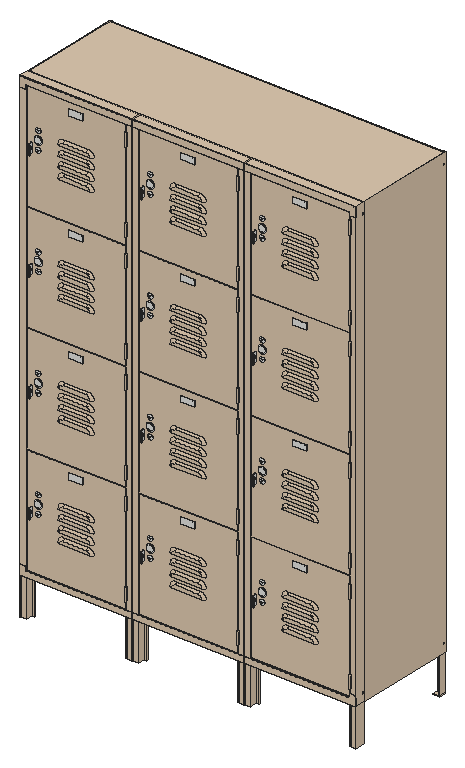
Revit family "Metal_Lockers-Salsbury_Industries-18_54000_Series-3_Wide_Units", category Specialty Equipment, Revit 2016 (continued)
Definition of nested family "Metal Locker Legs - 3 Wide"
  Forms (in)
    Extrusion 10, solid, material <- "Primary Structure Material", visible <- "Visible"
      sketch origin (-24.04, 0, 0) x (0, -1, 0) y (1, 0, 0)
        loop
          line (7.417, 15.03333) -> (7.417, 14.97333) -> (8.945, 14.97333) -> (8.945, 14.09333) -> (7.76, 14.09333) -> (7.76, 13.59333) -> (7.82, 13.59333) -> (7.82, 14.03333) -> (9.005, 14.03333) -> (9.005, 15.03333) -> (7.417, 15.03333)
      from 0 to 6
  Dimensions and locks (in)
    equal spacing: plane 6 "Left Side of Unit", plane 3 "Center (Left/Right)", plane 7 "Right Side of Unit"
    "Width": plane 6 "Left Side of Unit" to plane 7 "Right Side of Unit"
    "Height": plane 5 "Bottom of Unit" to plane 4 "Floor"
    equal spacing: plane 9 "Front of Unit", plane 1 "Center (Front/Back)", plane 8 "Back of Unit"
    "Depth": plane 9 "Front of Unit" to plane 8 "Back of Unit"
    plane 12 "Top of back legs" to plane 5 "Bottom of Unit" = 0.185"
    plane 6 "Left Side of Unit" to plane 11 "Left Side of Door Opening" = 1.000"
    plane 10 "Right Side of Door Opening" to plane 7 "Right Side of Unit" = 1.000"
    locked: plane 9 "Front of Unit" to plane 13 "Back Edge of Front Facing" at 1.588
    plane 11 "Left Side of Door Opening" to plane 14 "Inside Edge of Front Leg" = 0.440"
    plane 15 "Inside Edge of Right Leg" to plane 10 "Right Side of Door Opening" = 0.440"
    plane 9 "Front of Unit" to plane 16 = 1.185"
    plane 15 "Inside Edge of Right Leg" to plane 21 "Inside Edge or Rear Right Leg" to plane 10 "Right Side of Door Opening" to plane 18 "Right Edge of Rear Right Leg" to plane 7 "Right Side of Unit" = 0.320", 0.120", 0.880", 0.120"
    plane 6 "Left Side of Unit" to plane 19 "Left Edge or Rear Left Leg" to plane 11 "Left Side of Door Opening" to plane 22 "Inside Edge or Left Rear Leg" to plane 14 "Inside Edge of Front Leg" = 0.120", 0.880", 0.120", 0.320"
    plane 20 to plane 17 "Back Edge of Rear Legs" to plane 8 "Back of Unit" = 1.000", 0.110"
    equal spacing: plane 6 "Left Side of Unit", plane 24, plane 23, plane 7 "Right Side of Unit"
    aligned and locked: level to plane 2
    aligned and locked: Extrusion 3 to Extrusion 4
    aligned and locked: Extrusion 6 to Extrusion 5
    aligned and locked: Extrusion 3 to plane 18 "Right Edge of Rear Right Leg"
    aligned and locked: Extrusion 3 to plane 17 "Back Edge of Rear Legs"
    aligned and locked: Extrusion 5 to plane 19 "Left Edge or Rear Left Leg"
    aligned and locked: plane 17 "Back Edge of Rear Legs" to Extrusion 5
    aligned and locked: plane 5 "Bottom of Unit" to Extrusion 2
    aligned and locked: Extrusion 1 to plane 5 "Bottom of Unit"
    aligned and locked: Extrusion 3 to plane 12 "Top of back legs"
    aligned and locked: plane 12 "Top of back legs" to Extrusion 5
  Automatic sketch dimensions
    plane 13 "Back Edge of Front Facing" to Extrusion 1 sketch curve = 0.000"
    Extrusion 1 sketch curve to plane 15 "Inside Edge of Right Leg" = 0.000"
    plane 16 to Extrusion 1 sketch curve = 0.000"
    Extrusion 1 sketch curve to plane 7 "Right Side of Unit" = 0.000"
    plane 9 "Front of Unit" to Extrusion 1 sketch curve = 0.000"
    Extrusion 1 sketch curve to plane 10 "Right Side of Door Opening" = 0.000"
    Extrusion 1 sketch curve to plane 16 = 0.060"
    Extrusion 1 sketch curve to plane 9 "Front of Unit" = 0.060"
    Extrusion 1 sketch curve to plane 10 "Right Side of Door Opening" = 0.060"
    plane 7 "Right Side of Unit" to Extrusion 1 sketch curve = 0.060"
    Extrusion 2 sketch curve to plane 13 "Back Edge of Front Facing" = 0.000"
    Extrusion 2 sketch curve to plane 14 "Inside Edge of Front Leg" = 0.000"
    Extrusion 2 sketch curve to plane 16 = 0.000"
    Extrusion 2 sketch curve to plane 6 "Left Side of Unit" = 0.000"
    Extrusion 2 sketch curve to plane 9 "Front of Unit" = 0.000"
    Extrusion 2 sketch curve to plane 11 "Left Side of Door Opening" = 0.000"
    plane 16 to Extrusion 2 sketch curve = 0.060"
    plane 9 "Front of Unit" to Extrusion 2 sketch curve = 0.060"
    Extrusion 2 sketch curve to plane 11 "Left Side of Door Opening" = 0.060"
    plane 6 "Left Side of Unit" to Extrusion 2 sketch curve = 0.060"
    plane 17 "Back Edge of Rear Legs" to Extrusion 3 sketch curve = 0.000"
    Extrusion 3 sketch curve to plane 21 "Inside Edge or Rear Right Leg" = 0.000"
    Extrusion 3 sketch curve to plane 18 "Right Edge of Rear Right Leg" = 0.000"
    plane 20 to Extrusion 3 sketch curve = 0.000"
    plane 17 "Back Edge of Rear Legs" to Extrusion 3 sketch curve = 0.060"
    plane 18 "Right Edge of Rear Right Leg" to Extrusion 3 sketch curve = 0.060"
    plane 17 "Back Edge of Rear Legs" to Extrusion 4 sketch curve = 0.000"
    Extrusion 4 sketch curve to plane 18 "Right Edge of Rear Right Leg" = 0.000"
    plane 20 to Extrusion 4 sketch curve = 0.000"
    Extrusion 4 sketch curve to plane 21 "Inside Edge or Rear Right Leg" = 0.000"
    Extrusion 5 sketch curve to plane 17 "Back Edge of Rear Legs" = 0.000"
    Extrusion 5 sketch curve to plane 22 "Inside Edge or Left Rear Leg" = 0.000"
    Extrusion 5 sketch curve to plane 19 "Left Edge or Rear Left Leg" = 0.000"
    Extrusion 5 sketch curve to plane 20 = 0.000"
    Extrusion 5 sketch curve to plane 17 "Back Edge of Rear Legs" = 0.060"
    Extrusion 5 sketch curve to plane 19 "Left Edge or Rear Left Leg" = 0.060"
    Extrusion 6 sketch curve to plane 17 "Back Edge of Rear Legs" = 0.000"
    Extrusion 6 sketch curve to plane 19 "Left Edge or Rear Left Leg" = 0.000"
    Extrusion 6 sketch curve to plane 20 = 0.000"
    Extrusion 6 sketch curve to plane 22 "Inside Edge or Left Rear Leg" = 0.000"
    plane 13 "Back Edge of Front Facing" to Extrusion 7 sketch curve = 0.000"
    plane 16 to Extrusion 7 sketch curve = 0.000"
    plane 9 "Front of Unit" to Extrusion 7 sketch curve = 0.000"
    Extrusion 7 sketch curve to plane 24 = 0.000"
    plane 16 to Extrusion 7 sketch curve = 0.060"
    plane 9 "Front of Unit" to Extrusion 7 sketch curve = 0.060"
    plane 24 to Extrusion 7 sketch curve = 0.060"
    plane 24 to Extrusion 7 sketch curve = 0.940"
    Extrusion 7 sketch curve to Extrusion 7 sketch curve = 0.060"
    Extrusion 7 sketch curve to Extrusion 7 sketch curve = 0.440"
    plane 13 "Back Edge of Front Facing" to Extrusion 8 sketch curve = 0.000"
    plane 16 to Extrusion 8 sketch curve = 0.000"
    plane 9 "Front of Unit" to Extrusion 8 sketch curve = 0.000"
    Extrusion 8 sketch curve to plane 23 = 0.000"
    plane 16 to Extrusion 8 sketch curve = 0.060"
    plane 9 "Front of Unit" to Extrusion 8 sketch curve = 0.060"
    plane 23 to Extrusion 8 sketch curve = 0.060"
    plane 23 to Extrusion 8 sketch curve = 0.940"
    Extrusion 8 sketch curve to Extrusion 8 sketch curve = 0.060"
    Extrusion 8 sketch curve to Extrusion 8 sketch curve = 0.440"
    plane 13 "Back Edge of Front Facing" to Extrusion 9 sketch curve = 0.000"
    plane 16 to Extrusion 9 sketch curve = 0.000"
    plane 9 "Front of Unit" to Extrusion 9 sketch curve = 0.000"
    Extrusion 9 sketch curve to plane 23 = 0.000"
    Extrusion 9 sketch curve to plane 16 = 0.060"
    Extrusion 9 sketch curve to plane 9 "Front of Unit" = 0.060"
    plane 23 to Extrusion 9 sketch curve = 0.060"
    plane 23 to Extrusion 9 sketch curve = 0.940"
    Extrusion 9 sketch curve to Extrusion 9 sketch curve = 0.060"
    Extrusion 9 sketch curve to Extrusion 9 sketch curve = 0.440"
    plane 13 "Back Edge of Front Facing" to Extrusion 10 sketch curve = 0.000"
    plane 16 to Extrusion 10 sketch curve = 0.000"
    plane 9 "Front of Unit" to Extrusion 10 sketch curve = 0.000"
    Extrusion 10 sketch curve to plane 24 = 0.000"
    Extrusion 10 sketch curve to plane 16 = 0.060"
    Extrusion 10 sketch curve to plane 9 "Front of Unit" = 0.060"
    plane 24 to Extrusion 10 sketch curve = 0.060"
    plane 24 to Extrusion 10 sketch curve = 0.940"
    Extrusion 10 sketch curve to Extrusion 10 sketch curve = 0.060"
    Extrusion 10 sketch curve to Extrusion 10 sketch curve = 0.440"
Definition of nested family "Metal Locker Doors-18 inch with Latch Hasps"
  Parameters (values of type "Four Tier Door - 6 foot")
    Width = 15.901"
    Visible = yes
    Primary Structure Material = none
    Louver Set Vertical Alignment = 5.710"
    Number Plate Alignment = 0.9375"
    Louver Width = 5.750"
    Hinge 2 Placement = 14.142"
    Hinge 1 Placement = 1.125"
    Height = 17.360"
    Hasp Plate Rivet Material = none
    Hasp Height = 1.438"
    Depth = 0.900"
  Reference planes (in)
    plane 1 "Center (Front/Back)": y = 0
    plane 2 "Bottom of Door": z = 0
    plane 3 "Center (Left/Right)": x = 0
    plane 4 "Center (Top/Bottom)": z = 8.68
    plane 5 "Top of Door": z = 17.36
    plane 6 "Right Side of Door": x = 7.9505
    plane 7 "Left Side of Door": x = -7.9505
    plane 8 "Front of Door": y = -0.45
    plane 9 "Back of Door": y = 0.45
    plane 10 "Top of Number Plate": z = 16.4225
    plane 11 "Top of Top Vent 1": z = 11.65
    plane 12 "Top of Top Vent 2": z = 10.025
    plane 13 "Top of Top Vent 3": z = 8.4
    plane 14 "Top of Top Vent 4": z = 6.775
    plane 15 "Top of Hasp Alignment": z = 9.399
    plane 16 "Bottom of Hasp Alignment": z = 7.961
    plane 17 "Left Side of Louvers": x = -2.875
    plane 18 "Right Side of Louvers": x = 2.875
    plane 19 "Front of Louvers": y = -0.6375
    plane 20: x = -1.094
    plane 21: x = 1.094
    plane 22: z = 15.4225
    plane 23 "Center Hasp": x = -1.7755
    plane 24 "Top of Hinge 2": z = 3.218
    plane 25 "Top of Hinge 1": z = 16.235
    plane 26 "Left Hasp Hole Align": x = -7.263
    plane 27 "Right Hasp Hole Align": x = -7.013
    plane 28 "Center Hasp Stud Align": z = 10.09841
    plane 29 "Top Hasp Stud Align": z = 11.51682
    plane 30 "Vertical Hasp Stud Align": x = -6.076
    plane 31: z = 10.65
    plane 32: z = 9.025
    plane 33: z = 7.4
    plane 34: z = 5.775
    plane 35 "Vertical Center Hasp Align": x = -7.13777
    plane 36: x = -7.20027
    plane 37: x = -6.76277
    plane 38: x = 2.43234
    plane 39: x = -2.43234
  Forms (in)
    Extrusion 1, solid, material <- "Primary Structure Material", visible <- "Visible"
      sketch origin (0, 0, 0) x (1, 0, 0) y (0, 0, 1)
        loop
          line (-7.9505, 17.36) -> (-7.9505, 0) -> (7.9505, 0) -> (7.9505, 17.36) -> (-7.9505, 17.36)
      from -0.45 to 0.45
    Extrusion 2, solid, material <- "Hasp Plate Rivet Material", visible <- "Visible", detail levels medium+fine
      sketch origin (0, -0.45, 0) x (1, 0, 0) y (0, 0, 1)
        loop
          arc (-1.06847, 16.38695) -> (-1.0946, 15.92421) -> (-1.06847, 15.46147) r 4.11054
          arc (-1.06847, 15.46147) -> (0, 15.42272) -> (1.06847, 15.46147) r 14.75
          arc (1.06847, 15.46147) -> (1.0946, 15.92421) -> (1.06847, 16.38695) r 4.11054
          arc (1.06847, 16.38695) -> (0, 16.41487) -> (-1.06847, 16.38695) r 20.45441
      from 0 to 0.03497
    Extrusion 3, void
      sketch origin (-1.7755, -0.13281, 0.04687) x (0, 0, -1) y (0, -1, 0)
        loop
          circle (-8.29177, -0.16411) r 0.2
      from -0.163 to 0.163
    Extrusion 4, solid, material <- "Primary Structure Material", visible <- "Visible", detail levels fine
      sketch origin (0, 0, 16.235) x (0, -1, 0) y (1, 0, 0)
        loop
          line (0.45, 7.9505) -> (0.575, 7.9505)
          arc (0.575, 7.9505) -> (0.7, 8.0755) -> (0.575, 8.2005) r 0.125
          line (0.575, 8.2005) -> (0.45, 8.2005) -> (0.45, 7.9505)
      from 0 to -2
    Extrusion 5, solid, material <- "Primary Structure Material", visible <- "Visible", detail levels fine
      sketch origin (0, 0, 3.218) x (0, -1, 0) y (1, 0, 0)
        loop
          line (0.45, 7.9505) -> (0.575, 7.9505)
          arc (0.575, 7.9505) -> (0.7, 8.0755) -> (0.575, 8.2005) r 0.125
          line (0.575, 8.2005) -> (0.45, 8.2005) -> (0.45, 7.9505)
      from 0 to -2
    Extrusion 6, void
      sketch origin (0, -0.45, 0) x (1, 0, 0) y (0, 0, 1)
        loop
          line (-7.263, 9.399) -> (-7.263, 7.961) -> (-7.013, 7.961) -> (-7.013, 9.399) -> (-7.263, 9.399)
      from -0.9 to 0
    Blend 7, solid, material <- "Primary Structure Material", visible <- "Visible"
      base sketch origin (0.875, -0.45, 3.057) x (1, 0, 0) y (0, 0, 1)
        loop
          line (-3.75, 7.593) -> (2, 7.593)
          arc (2, 7.593) -> (1.70711, 8.30011) -> (1, 8.593) r 1
          line (1, 8.593) -> (-2.75, 8.593)
          arc (-2.75, 8.593) -> (-3.45711, 8.30011) -> (-3.75, 7.593) r 1
      top sketch origin (0.875, -0.6375, 3.057) x (1, 0, 0) y (0, 0, 1)
        loop
          line (-3.30734, 7.593) -> (1.55734, 7.593)
          arc (1.55734, 7.593) -> (1.39259, 7.99075) -> (0.99484, 8.1555) r 0.5625
          line (0.99484, 8.1555) -> (-2.74484, 8.1555)
          arc (-2.74484, 8.1555) -> (-3.14259, 7.99075) -> (-3.30734, 7.593) r 0.5625
      from 0 to 0
    Blend 8, solid, material <- "Primary Structure Material", visible <- "Visible"
      base sketch origin (0.875, -0.45, 4.501) x (1, 0, 0) y (0, 0, 1)
        loop
          line (-3.75, 4.524) -> (2, 4.524)
          arc (2, 4.524) -> (1.70711, 5.23111) -> (1, 5.524) r 1
          line (1, 5.524) -> (-2.75, 5.524)
          arc (-2.75, 5.524) -> (-3.45711, 5.23111) -> (-3.75, 4.524) r 1
      top sketch origin (0.875, -0.6375, 4.501) x (1, 0, 0) y (0, 0, 1)
        loop
          line (-3.30734, 4.524) -> (1.55734, 4.524)
          arc (1.55734, 4.524) -> (1.39612, 4.91321) -> (1.00691, 5.07443) r 0.55043
          line (1.00691, 5.07443) -> (-2.75691, 5.07443)
          arc (-2.75691, 5.07443) -> (-3.14612, 4.91321) -> (-3.30734, 4.524) r 0.55043
      from 0 to 0
    Blend 9, solid, material <- "Primary Structure Material", visible <- "Visible"
      base sketch origin (0.875, -0.45, -0.193) x (1, 0, 0) y (0, 0, 1)
        loop
          line (-3.75, 7.593) -> (2, 7.593)
          arc (2, 7.593) -> (1.70711, 8.30011) -> (1, 8.593) r 1
          line (1, 8.593) -> (-2.75, 8.593)
          arc (-2.75, 8.593) -> (-3.45711, 8.30011) -> (-3.75, 7.593) r 1
      top sketch origin (0.875, -0.6375, -0.193) x (1, 0, 0) y (0, 0, 1)
        loop
          line (-3.30734, 7.593) -> (1.55734, 7.593)
          arc (1.55734, 7.593) -> (1.40401, 7.96317) -> (1.03384, 8.1165) r 0.5235
          line (1.03384, 8.1165) -> (-2.78384, 8.1165)
          arc (-2.78384, 8.1165) -> (-3.15401, 7.96317) -> (-3.30734, 7.593) r 0.5235
      from 0 to 0
    Blend 10, solid, material <- "Primary Structure Material", visible <- "Visible"
      base sketch origin (0.875, -0.45, 1.251) x (1, 0, 0) y (0, 0, 1)
        loop
          line (-3.75, 4.524) -> (2, 4.524)
          arc (2, 4.524) -> (1.70711, 5.23111) -> (1, 5.524) r 1
          line (1, 5.524) -> (-2.75, 5.524)
          arc (-2.75, 5.524) -> (-3.45711, 5.23111) -> (-3.75, 4.524) r 1
      top sketch origin (0.875, -0.6375, 1.251) x (1, 0, 0) y (0, 0, 1)
        loop
          line (-3.30734, 4.524) -> (1.55734, 4.524)
          arc (1.55734, 4.524) -> (1.39629, 4.9128) -> (1.00749, 5.07385) r 0.54985
          line (1.00749, 5.07385) -> (-2.75749, 5.07385)
          arc (-2.75749, 5.07385) -> (-3.14629, 4.9128) -> (-3.30734, 4.524) r 0.54985
      from 0 to 0
    Blend 11, solid, material <- "Hasp Plate Rivet Material", visible <- "Visible", detail levels medium+fine
      base sketch origin (0, -0.45, 0) x (1, 0, 0) y (0, 0, 1)
        loop
          circle (-6.076, 8.68) r 0.375
      top sketch origin (0, -0.45, 0) x (1, 0, 0) y (0, 0, 1)
        loop
          circle (-6.076, 8.68) r 0.09706
      from 0 to 0.03497
    Blend 12, solid, material <- "Hasp Plate Rivet Material", visible <- "Visible", detail levels medium+fine
      base sketch origin (0, -0.45, 2.83682) x (1, 0, 0) y (0, 0, 1)
        loop
          circle (-6.076, 8.68) r 0.375
      top sketch origin (0, -0.45, 2.83682) x (1, 0, 0) y (0, 0, 1)
        loop
          circle (-6.076, 8.68) r 0.09706
      from 0 to 0.03497
    Blend 13, solid, material <- "Hasp Plate Rivet Material", visible <- "Visible", detail levels medium+fine
      base sketch origin (0, -0.45, -0.16841) x (1, 0, 0) y (0, 0, 1)
        loop
          circle (-6.076, 10.26682) r 0.625
      top sketch origin (0, -0.45, -0.16841) x (1, 0, 0) y (0, 0, 1)
        loop
          circle (-6.076, 10.26682) r 0.58088
      from 0 to 0.03497
    Extrusion 14, solid, material <- "Hasp Plate Rivet Material", visible <- "Visible"
      sketch origin (0, 0, 7.961) x (0, -1, 0) y (1, 0, 0)
        loop
          line (-0.45, -7.07527) -> (-0.45, -7.13777) -> (1.2, -7.13777)
          arc (1.2, -7.13777) -> (1.24419, -7.11946) -> (1.2625, -7.07527) r 0.0625
          line (1.2625, -7.07527) -> (1.2625, -6.76277) -> (1.20579, -6.76277) -> (1.20579, -7.0127)
          arc (1.20579, -7.0127) -> (1.18746, -7.05694) -> (1.14322, -7.07527) r 0.06257
          line (1.14322, -7.07527) -> (-0.45, -7.07527)
      from 0 to 1.438
    Extrusion 15, solid, material <- "Hasp Plate Rivet Material", visible <- "Visible"
      sketch origin (0, 0, 7.961) x (0, -1, 0) y (1, 0, 0)
        loop
          line (-0.45, -7.20027) -> (1.2625, -7.20027) -> (1.2625, -7.13777) -> (-0.45, -7.13777) -> (-0.45, -7.20027)
      from 0 to 1.438
    Extrusion 16, void
      sketch origin (-7.013, 0, 0) x (0, 0, -1) y (0, -1, 0)
        loop
          circle (-8.68, 0.82219) r 0.375
      from 0 to 0.25
  Cuts and joins
    Extrusion 3, Extrusion 6 cuts Extrusion 1
    Extrusion 16 cuts Extrusion 14
    Extrusion 16 cuts Extrusion 15
  Lines and regions (in)
    symbolic lines
      curve 1: line (-7.9505, -0.45, 17.36) -> (7.9505, -0.45, 17.36)
      curve 2: line (-7.9505, -0.45, 0) -> (-7.9505, -0.45, 17.36)
      curve 3: line (7.9505, -0.45, 0) -> (-7.9505, -0.45, 0)
      curve 4: line (7.9505, -0.45, 17.36) -> (7.9505, -0.45, 0)
      curve 5: line (2.43234, -0.6375, 7.961) -> (2.875, -0.45, 7.961)
      curve 6: line (-2.43234, -0.6375, 7.961) -> (-2.875, -0.45, 7.961)
      curve 7: line (-2.43234, -0.6375, 7.961) -> (2.43234, -0.6375, 7.961)
      curve 8: line (-2.875, -0.45, 10.65) -> (2.875, -0.45, 10.65)
      curve 9: line (1.875, -0.45, 11.65) -> (-1.875, -0.45, 11.65)
      curve 10: line (-2.875, -0.45, 9.025) -> (2.875, -0.45, 9.025)
      curve 11: line (1.875, -0.45, 10.025) -> (-1.875, -0.45, 10.025)
      curve 12: line (-2.875, -0.45, 7.4) -> (2.875, -0.45, 7.4)
      curve 13: line (1.875, -0.45, 8.4) -> (-1.875, -0.45, 8.4)
      curve 14: line (-2.875, -0.45, 5.775) -> (2.875, -0.45, 5.775)
      curve 15: line (1.875, -0.45, 6.775) -> (-1.875, -0.45, 6.775)
      curve 16: arc (-2.875, -0.45, 10.65) -> (-2.58211, -0.45, 11.35711) -> (-1.875, -0.45, 11.65) r 1
      curve 17: arc (2.875, -0.45, 10.65) -> (2.58211, -0.45, 11.35711) -> (1.875, -0.45, 11.65) r 1
      curve 18: arc (-2.875, -0.45, 9.025) -> (-2.58211, -0.45, 9.73211) -> (-1.875, -0.45, 10.025) r 1
      curve 19: arc (2.875, -0.45, 9.025) -> (2.58211, -0.45, 9.73211) -> (1.875, -0.45, 10.025) r 1
      curve 20: arc (-2.875, -0.45, 7.4) -> (-2.58211, -0.45, 8.10711) -> (-1.875, -0.45, 8.4) r 1
      curve 21: arc (2.875, -0.45, 7.4) -> (2.58211, -0.45, 8.10711) -> (1.875, -0.45, 8.4) r 1
      curve 22: arc (-2.875, -0.45, 5.775) -> (-2.58211, -0.45, 6.48211) -> (-1.875, -0.45, 6.775) r 1
      curve 23: arc (2.875, -0.45, 5.775) -> (2.58211, -0.45, 6.48211) -> (1.875, -0.45, 6.775) r 1
      curve 24: line (-7.013, -1.2625, 9.399) -> (-7.013, -0.45, 9.399)
      curve 25: line (-7.013, -1.2625, 7.961) -> (-7.013, -0.45, 7.961)
      curve 26: line (-7.013, -1.2625, 9.399) -> (-7.013, -1.2625, 7.961)
      curve 27: line (-7.20027, -0.44719, 7.961) -> (-7.13777, -0.44719, 7.961)
      curve 28: line (-7.20027, -1.2625, 7.961) -> (-7.20027, -0.44719, 7.961)
      curve 29: line (-7.13777, -1.2625, 7.961) -> (-7.20027, -1.2625, 7.961)
      curve 30: line (-7.13777, -0.44719, 7.961) -> (-7.13777, -1.2625, 7.961)
      curve 31: line (-7.07527, -0.44719, 7.961) -> (-7.07527, -1.14322, 7.961)
      curve 32: line (-7.0127, -1.20579, 7.961) -> (-6.76277, -1.20579, 7.961)
      curve 33: line (-6.76277, -1.20579, 7.961) -> (-6.76277, -1.2625, 7.961)
      curve 34: line (-6.76277, -1.2625, 7.961) -> (-7.07527, -1.2625, 7.961)
      curve 35: arc (-7.07527, -1.2625, 7.961) -> (-7.11946, -1.24419, 7.961) -> (-7.13777, -1.2, 7.961) r 0.0625
      curve 36: arc (-7.07527, -1.14322, 7.961) -> (-7.05694, -1.18746, 7.961) -> (-7.0127, -1.20579, 7.961) r 0.06257
      curve 37: line (-7.20027, -0.45, 9.399) -> (-6.76277, -0.45, 9.399)
      curve 38: line (-7.20027, -0.45, 7.961) -> (-7.20027, -0.45, 9.399)
      curve 39: line (-6.76277, -0.45, 7.961) -> (-7.20027, -0.45, 7.961)
      curve 40: line (-6.76277, -0.45, 9.399) -> (-6.76277, -0.45, 7.961)
      curve 41: line (-7.13777, -0.45, 9.399) -> (-7.13777, -0.45, 7.961)
      curve 42: circle (-6.076, -0.45, 10.09841) r 0.625 normal (0, -1, 0)
      curve 43: circle (-6.076, -0.45, 11.51682) r 0.37228 normal (0, -1, 0)
      curve 44: circle (-6.076, -0.45, 8.68) r 0.375 normal (0, -1, 0)
  Dimensions and locks (in)
    equal spacing: plane 5 "Top of Door", plane 4 "Center (Top/Bottom)", plane 2 "Bottom of Door"
    "Height": plane 5 "Top of Door" to plane 2 "Bottom of Door"
    equal spacing: plane 8 "Front of Door", plane 1 "Center (Front/Back)", plane 9 "Back of Door"
    "Depth": plane 8 "Front of Door" to plane 9 "Back of Door"
    equal spacing: plane 7 "Left Side of Door", plane 3 "Center (Left/Right)", plane 6 "Right Side of Door"
    "Width": plane 7 "Left Side of Door" to plane 6 "Right Side of Door"
    "Number Plate Alignment": plane 5 "Top of Door" to plane 10 "Top of Number Plate" to plane 22
    equal spacing: plane 17 "Left Side of Louvers", plane 3 "Center (Left/Right)", plane 18 "Right Side of Louvers"
    "Louver Width": plane 17 "Left Side of Louvers" to plane 18 "Right Side of Louvers"
    "Louver Set Vertical Alignment": plane 5 "Top of Door" to plane 11 "Top of Top Vent 1"
    plane 11 "Top of Top Vent 1" to plane 12 "Top of Top Vent 2" to plane 13 "Top of Top Vent 3" to plane 14 "Top of Top Vent 4" = 1.625", 1.625", 1.625"
    plane 29 "Top Hasp Stud Align" to plane 28 "Center Hasp Stud Align" to plane 15 "Top of Hasp Alignment" to plane 4 "Center (Top/Bottom)" to plane 16 "Bottom of Hasp Alignment" = 1.41841", 0.69941", 0.719", 0.719"
    "Hasp Height": plane 15 "Top of Hasp Alignment" to plane 16 "Bottom of Hasp Alignment"
    locked: plane 19 "Front of Louvers" to plane 8 "Front of Door" at 0.1875
    plane 20 to plane 3 "Center (Left/Right)" to plane 21 = 1.094" locked, 1.094" locked
    "Hinge 1 Placement": plane 5 "Top of Door" to plane 25 "Top of Hinge 1"
    "Hinge 2 Placement": plane 5 "Top of Door" to plane 24 "Top of Hinge 2"
    plane 7 "Left Side of Door" to plane 26 "Left Hasp Hole Align" to plane 27 "Right Hasp Hole Align" to plane 30 "Vertical Hasp Stud Align" = 0.6875" locked, 0.250" locked, 0.937" locked
    plane 11 "Top of Top Vent 1" to plane 31 = 1.000"
    plane 12 "Top of Top Vent 2" to plane 32 = 1.000"
    plane 13 "Top of Top Vent 3" to plane 33 = 1.000"
    plane 14 "Top of Top Vent 4" to plane 34 = 1.000"
    locked: plane 36 to plane 35 "Vertical Center Hasp Align" at 0.0625
    locked: plane 35 "Vertical Center Hasp Align" to plane 37 at 0.375
    locked: plane 26 "Left Hasp Hole Align" to plane 35 "Vertical Center Hasp Align" at 0.12523
    plane 17 "Left Side of Louvers" to plane 39 = 0.44266"
    plane 38 to plane 18 "Right Side of Louvers" = 0.44266"
    aligned and locked: level to plane 2 "Bottom of Door"
    aligned and locked: plane 5 "Top of Door" to Extrusion 1 sketch curve
    aligned and locked: Extrusion 1 sketch curve to plane 7 "Left Side of Door"
    aligned and locked: Extrusion 1 sketch curve to plane 2 "Bottom of Door"
    aligned and locked: plane 6 "Right Side of Door" to Extrusion 1 sketch curve
    aligned and locked: Extrusion 6 sketch curve to plane 15 "Top of Hasp Alignment"
    aligned and locked: Extrusion 6 sketch curve to plane 26 "Left Hasp Hole Align"
    aligned and locked: plane 16 "Bottom of Hasp Alignment" to Extrusion 6 sketch curve
    aligned and locked: plane 27 "Right Hasp Hole Align" to Extrusion 6 sketch curve
    aligned and locked: plane 11 "Top of Top Vent 1" to Blend 7
    aligned and locked: plane 12 "Top of Top Vent 2" to Blend 8
    aligned and locked: plane 13 "Top of Top Vent 3" to Blend 9
    aligned and locked: plane 14 "Top of Top Vent 4" to Blend 10
    aligned and locked: Blend 7 to plane 31
    aligned and locked: Blend 7 sketch curve to plane 11 "Top of Top Vent 1"
    aligned and locked: Blend 7 sketch curve to plane 31  (x2)
    aligned and locked: Blend 8 sketch curve to plane 12 "Top of Top Vent 2"
    aligned and locked: Blend 8 sketch curve to plane 32  (x2)
    aligned and locked: Blend 9 sketch curve to plane 13 "Top of Top Vent 3"
    aligned and locked: Blend 9 sketch curve to plane 33  (x2)
    aligned and locked: Blend 10 sketch curve to plane 14 "Top of Top Vent 4"
    aligned and locked: Blend 10 sketch curve to plane 34  (x2)
    aligned and locked: plane 29 "Top Hasp Stud Align" to Blend 12 sketch curve  (x2)
    aligned and locked: plane 4 "Center (Top/Bottom)" to Blend 11 sketch curve  (x2)
    aligned and locked: plane 28 "Center Hasp Stud Align" to Blend 13 sketch curve  (x2)
    aligned and locked: plane 35 "Vertical Center Hasp Align" to Extrusion 15 sketch curve
    aligned and locked: plane 35 "Vertical Center Hasp Align" to Extrusion 14 sketch curve
    aligned and locked: plane 4 "Center (Top/Bottom)" to Extrusion 16 sketch curve
    aligned and locked: plane 36 to cut or joined group of Extrusion 15, Extrusion 16
    aligned and locked: plane 37 to cut or joined group of Extrusion 14, Extrusion 16
    aligned and locked: curve 1 to cut or joined group of Extrusion 1, Extrusion 3, Extrusion 6
    aligned and locked: curve 2 to cut or joined group of Extrusion 1, Extrusion 3, Extrusion 6
    aligned and locked: curve 3 to cut or joined group of Extrusion 1, Extrusion 3, Extrusion 6
    aligned and locked: curve 4 to cut or joined group of Extrusion 1, Extrusion 3, Extrusion 6
    aligned and locked: curve 5 to Blend 8
    aligned and locked: curve 6 to Blend 8
    aligned and locked: curve 8 to Blend 7
    aligned and locked: curve 9 to Blend 7
    aligned and locked: curve 10 to Blend 8
    aligned and locked: curve 11 to Blend 8
    aligned and locked: curve 12 to Blend 9
    aligned and locked: curve 13 to Blend 9
    aligned and locked: curve 14 to Blend 10
    aligned and locked: curve 15 to Blend 10
    aligned and locked: curve 24 to cut or joined group of Extrusion 14, Extrusion 16
    aligned and locked: curve 25 to cut or joined group of Extrusion 14, Extrusion 16
    aligned and locked: curve 26 to cut or joined group of Extrusion 14, Extrusion 16
    aligned and locked: curve 28 to cut or joined group of Extrusion 15, Extrusion 16
    aligned and locked: curve 29 to cut or joined group of Extrusion 15, Extrusion 16
    aligned and locked: cut or joined group of Extrusion 15, Extrusion 16 to curve 30
    aligned and locked: cut or joined group of Extrusion 14, Extrusion 16 to curve 31
    aligned and locked: curve 32 to cut or joined group of Extrusion 14, Extrusion 16
    aligned and locked: curve 33 to cut or joined group of Extrusion 14, Extrusion 16
    aligned and locked: curve 34 to cut or joined group of Extrusion 14, Extrusion 16
    aligned and locked: curve 37 to cut or joined group of Extrusion 15, Extrusion 16
    aligned and locked: curve 38 to cut or joined group of Extrusion 15, Extrusion 16
    aligned and locked: curve 39 to cut or joined group of Extrusion 14, Extrusion 16
    aligned and locked: curve 40 to cut or joined group of Extrusion 14, Extrusion 16
    aligned and locked: curve 41 to cut or joined group of Extrusion 14, Extrusion 16
  Automatic sketch dimensions
    Extrusion 2 sketch curve to plane 3 "Center (Left/Right)" = 0.000"  (x2)
    plane 17 "Left Side of Louvers" to Extrusion 2 sketch curve = 0.14094"
    Extrusion 2 sketch curve to plane 18 "Right Side of Louvers" = 0.14094"
    Extrusion 2 sketch curve to level = 4.03954"
    plane 25 "Top of Hinge 1" to Extrusion 2 sketch curve = 0.31079"  (x2)
    Extrusion 2 sketch curve to plane 5 "Top of Door" = 12.81272"
    Extrusion 2 sketch curve to plane 20 = 0.02553"  (x2)
    plane 21 to Extrusion 2 sketch curve = 0.02553"
    Extrusion 2 sketch curve to plane 22 = 0.03897"
    plane 13 "Top of Top Vent 3" to Extrusion 3 sketch curve = 0.06135"
    Extrusion 3 sketch curve to plane 1 "Center (Front/Back)" = 0.0313"
    Extrusion 4 sketch curve to plane 6 "Right Side of Door" = 0.000"
    plane 8 "Front of Door" to Extrusion 4 sketch curve = 0.000"
    Extrusion 4 sketch curve to plane 19 "Front of Louvers" = 0.0625"
    Extrusion 4 sketch curve to plane 6 "Right Side of Door" = 0.125"
    Extrusion 5 sketch curve to plane 6 "Right Side of Door" = 0.000"
    plane 8 "Front of Door" to Extrusion 5 sketch curve = 0.000"
    Extrusion 5 sketch curve to plane 19 "Front of Louvers" = 0.0625"
    Extrusion 5 sketch curve to plane 6 "Right Side of Door" = 0.125"
    plane 17 "Left Side of Louvers" to Blend 7 sketch curve = 0.000"
    plane 18 "Right Side of Louvers" to Blend 7 sketch curve = 0.000"
    plane 23 "Center Hasp" to Blend 7 sketch curve = 0.65684"
    plane 20 to Blend 7 sketch curve = 0.77584"
    Blend 7 sketch curve to plane 21 = 0.77584"
    plane 17 "Left Side of Louvers" to Blend 8 sketch curve = 0.000"
    plane 18 "Right Side of Louvers" to Blend 8 sketch curve = 0.000"
    plane 23 "Center Hasp" to Blend 8 sketch curve = 0.65684"
    plane 20 to Blend 8 sketch curve = 0.78791"
    Blend 8 sketch curve to plane 21 = 0.78791"
    plane 17 "Left Side of Louvers" to Blend 9 sketch curve = 0.000"
    plane 18 "Right Side of Louvers" to Blend 9 sketch curve = 0.000"
    plane 23 "Center Hasp" to Blend 9 sketch curve = 0.65684"
    plane 16 "Bottom of Hasp Alignment" to Blend 9 sketch curve = 0.0375"
    Blend 9 sketch curve to plane 21 = 0.81484"
    plane 17 "Left Side of Louvers" to Blend 10 sketch curve = 0.000"
    plane 18 "Right Side of Louvers" to Blend 10 sketch curve = 0.000"
    plane 23 "Center Hasp" to Blend 10 sketch curve = 0.65684"
    plane 20 to Blend 10 sketch curve = 0.78849"
    Blend 10 sketch curve to plane 21 = 0.78849"
    plane 30 "Vertical Hasp Stud Align" to Blend 11 sketch curve = 0.000"  (x2)
    plane 30 "Vertical Hasp Stud Align" to Blend 12 sketch curve = 0.000"  (x2)
    plane 30 "Vertical Hasp Stud Align" to Blend 13 sketch curve = 0.000"  (x2)
    Extrusion 14 sketch curve to plane 1 "Center (Front/Back)" = 0.450"
    plane 27 "Right Hasp Hole Align" to Extrusion 14 sketch curve = 0.06227"
    Extrusion 14 sketch curve to plane 27 "Right Hasp Hole Align" = 0.0003"
    plane 19 "Front of Louvers" to Extrusion 14 sketch curve = 0.50572"
    Extrusion 14 sketch curve to Extrusion 14 sketch curve = 0.05678"
    Extrusion 14 sketch curve to Extrusion 14 sketch curve = 0.24993"
    plane 9 "Back of Door" to Extrusion 15 sketch curve = 0.000"
    plane 19 "Front of Louvers" to Extrusion 15 sketch curve = 0.625"
    Extrusion 15 sketch curve to plane 26 "Left Hasp Hole Align" = 0.06273"
    Extrusion 14 sketch curve to Extrusion 14 sketch curve = 0.06257"
    plane 19 "Front of Louvers" to Extrusion 16 sketch curve = 0.18469"
    curve 24 to plane 8 "Front of Door" = 0.000"
    curve 25 to plane 8 "Front of Door" = 0.000"
    curve 6 to plane 17 "Left Side of Louvers" = 0.000"
    curve 5 to plane 18 "Right Side of Louvers" = 0.000"
    curve 5 to plane 38 = 0.000"
    curve 30 to plane 8 "Front of Door" = 0.00281"
    curve 36 to plane 27 "Right Hasp Hole Align" = 0.0003"
    curve 36 to curve 35 = 0.05678"
    curve 31 to plane 8 "Front of Door" = 0.00281"
    curve 43 to plane 29 "Top Hasp Stud Align" = 0.000"
    plane 30 "Vertical Hasp Stud Align" to curve 43 = 0.000"
    curve 42 to plane 28 "Center Hasp Stud Align" = 0.000"
    plane 30 "Vertical Hasp Stud Align" to curve 42 = 0.000"
    curve 44 to plane 4 "Center (Top/Bottom)" = 0.000"
    plane 30 "Vertical Hasp Stud Align" to curve 44 = 0.000"
    plane 17 "Left Side of Louvers" to curve 20 = 0.000"
    plane 17 "Left Side of Louvers" to curve 10 = 0.000"
    plane 17 "Left Side of Louvers" to curve 14 = 0.000"
    plane 17 "Left Side of Louvers" to curve 8 = 0.000"
    plane 18 "Right Side of Louvers" to curve 23 = 0.000"
    plane 18 "Right Side of Louvers" to curve 10 = 0.000"
    plane 18 "Right Side of Louvers" to curve 21 = 0.000"
    plane 18 "Right Side of Louvers" to curve 17 = 0.000"
    radius of Extrusion 3 sketch curve = 0.200"
    radius of Blend 11 sketch curve = 0.375"
    radius of Blend 11 sketch curve = 0.09706"
    radius of Blend 12 sketch curve = 0.375"
    radius of Blend 12 sketch curve = 0.09706"
    radius of Blend 13 sketch curve = 0.625"
    radius of Blend 13 sketch curve = 0.58088"
    radius of Extrusion 16 sketch curve = 0.375"
    radius of curve 42 = 0.625"
    radius of curve 43 = 0.37228"
    radius of curve 44 = 0.375"
Definition of nested family "Metal Locker Front Base"
  Parameters (values of type "77748 - for 18" W Lockers with Legs")
    Width = 16.013"
    Visible [instance] = yes
    Version = "1.0 (11/30/15)"
    Type Comments = "Front Base for Standard Metal Lockers"
    Primary Structure Material = none
    Model = "77748"
    MasterFormat Title = ""
    MasterFormat Number = ""
    Manufacturer = "Salsbury Industries"
    Description = "Front Base for 18\" Wide Lockers"
    Depth = 1.185"
    Height = 6.000"
    Assembly Code = ""
  Types (4): name | Width | Visible | Model | Description
    77742 - for 12" W Lockers with Legs | 10.040" | yes | "77742" | "Front Base for 12\" Wide Lockers"
    77745 - for 15" W Lockers with Legs | 13.013" | yes | "77745" | "Front Base for 15\" Wide Lockers"
    None | 10.040" | no | "77742" | "Front Base for 12\" Wide Lockers"
    77748 - for 18" W Lockers with Legs | 16.013" | yes | "77748" | "Front Base for 18\" Wide Lockers"
  Reference planes (in)
    plane 1 "Center (Front/Back)": y = -5.417
    plane 2: z = 0
    plane 3 "Center (Left/Right)": x = 0
    plane 4 "Floor": z = 0
    plane 5 "Top of Enclosure": z = 6
    plane 6 "Front of Enclosure": y = -6.005
    plane 7 "Right Side of Enclosure": x = 8.0065
    plane 8 "Left Side of Enclosure": x = -8.0065
    plane 9 "Back of Enclosure": y = -4.82
  Forms (in)
    Extrusion 1, solid, material <- "Primary Structure Material", visible <- "Visible"
      sketch origin (0, -6.005, 0) x (1, 0, 0) y (0, 0, 1)
        loop
          line (-8.0065, 6) -> (-8.0065, 0) -> (8.0065, 0) -> (8.0065, 6) -> (-8.0065, 6)
      from -0.06 to 0
    Extrusion 2, solid, material <- "Primary Structure Material", visible <- "Visible"
      sketch origin (0, 0, 0) x (0, 1, 0) y (0, 0, 1)
        loop
          line (-5.945, 6) -> (-5.945, 5.94) -> (-4.82, 5.94) -> (-4.82, 6) -> (-5.945, 6)
      from -8.0065 to 8.0065
    Extrusion 3, solid, material <- "Primary Structure Material", visible <- "Visible"
      sketch origin (8.0065, 0, 0) x (0, 0, -1) y (0, -1, 0)
        loop
          line (-5.75, 5.945) -> (-5.75, 4.82) -> (-0.25, 4.82) -> (-0.25, 5.945) -> (-5.75, 5.945)
      from 0 to 0.06
    Extrusion 4, solid, material <- "Primary Structure Material", visible <- "Visible"
      sketch origin (-8.0065, 0, 0) x (0, 0, -1) y (0, -1, 0)
        loop
          line (-5.75, 5.945) -> (-5.75, 4.82) -> (-0.25, 4.82) -> (-0.25, 5.945) -> (-5.75, 5.945)
      from 0 to -0.06
  Dimensions and locks (in)
    "Height": plane 5 "Top of Enclosure" to plane 4 "Floor"
    plane 6 "Front of Enclosure" to plane 1 "Center (Front/Back)" = 0.588"
    "Depth": plane 6 "Front of Enclosure" to plane 9 "Back of Enclosure"
    equal spacing: plane 8 "Left Side of Enclosure", plane 3 "Center (Left/Right)", plane 7 "Right Side of Enclosure"
    "Width": plane 8 "Left Side of Enclosure" to plane 7 "Right Side of Enclosure"
    aligned and locked: level to plane 2
    aligned and locked: plane 8 "Left Side of Enclosure" to Extrusion 2
    aligned and locked: Extrusion 2 to plane 7 "Right Side of Enclosure"
    aligned and locked: Extrusion 1 to plane 7 "Right Side of Enclosure"
  Automatic sketch dimensions
    Extrusion 1 sketch curve to Extrusion 1 sketch curve = 16.013"
    Extrusion 1 sketch curve to Extrusion 1 sketch curve = 6.000"
    Extrusion 2 sketch curve to Extrusion 2 sketch curve = 1.125"
    Extrusion 2 sketch curve to Extrusion 2 sketch curve = 0.060"
    Extrusion 3 sketch curve to Extrusion 3 sketch curve = 5.500"
    Extrusion 3 sketch curve to Extrusion 3 sketch curve = 1.125"
    Extrusion 4 sketch curve to Extrusion 4 sketch curve = 5.500"
    Extrusion 4 sketch curve to Extrusion 4 sketch curve = 1.125"
    Extrusion 1 sketch curve to level = 0.000"
    plane 8 "Left Side of Enclosure" to Extrusion 1 sketch curve = 0.000"
    plane 5 "Top of Enclosure" to Extrusion 2 sketch curve = 0.000"
    Extrusion 2 sketch curve to plane 9 "Back of Enclosure" = 0.000"
    Extrusion 3 sketch curve to plane 9 "Back of Enclosure" = 0.000"
    plane 5 "Top of Enclosure" to Extrusion 3 sketch curve = 0.250"
    Extrusion 4 sketch curve to plane 9 "Back of Enclosure" = 0.000"
    plane 5 "Top of Enclosure" to Extrusion 4 sketch curve = 0.250"
Definition of nested family "Metal Locker Right Side Base"
  Parameters (values of type "77731 Right - for 21" D Lockers with Legs")
    Width including Rivet [instance] = 1.290"
    Visible = yes
    Primary Structure Material = none
    Depth = 19.422"
    Version = "1.0 (11/30/15)"
    Type Comments = "End Base for Standard Metal Lockers"
    Model = "77731"
    MasterFormat Title = ""
    MasterFormat Number = ""
    Manufacturer = "Salsbury Industries"
    Description = "1.25\"W x 6\" H x 19\"D"
    Width = 1.250"
    Height = 6.000"
    Assembly Code = ""
  Types (5): name | Visible | Depth | Model | Description
    77732 Right - for 12" D Lockers with Legs | yes | 10.422" | "77732" | "1.25\"W x 6\" H x 10\"D"
    77735 Right - for 15" D Lockers with Legs | yes | 13.422" | "77735" | "1.25\"W x 6\" H x 13\"D"
    77738 Right - for 18" D Lockers with Legs | yes | 16.422" | "77738" | "1.25\"W x 6\" H x 16\"D"
    None | no | 10.422" | "" | ""
    77731 Right - for 21" D Lockers with Legs | yes | 19.422" | "77731" | "1.25\"W x 6\" H x 19\"D"
  Reference planes (in)
    plane 1 "Center (Front/Back)": y = 0
    plane 2: z = 0
    plane 3 "Center (Left/Right)": x = 5.395
    plane 4 "Floor": z = 0
    plane 5 "Top of Enclosure": z = 6
    plane 6 "Left Side of Unit": x = 4.77
    plane 7 "Right Side of Unit": x = 6.02
    plane 8 "Left Edge of Enclosure": y = -9.711
    plane 9 "Right Edge of Enclosure": y = 9.711
    plane 10 "Left Edge of Insert": y = -10.77647
    plane 11 "Right Edge of Insert": y = -9.65147
    plane 12 "Rivet Edge": x = 6.06
  Forms (in)
    Extrusion 1, solid, material <- "Primary Structure Material", visible <- "Visible"
      sketch origin (6.02, 0, 0) x (0, 0, -1) y (0, -1, 0)
        loop
          line (-6, 9.711) -> (-6, -9.711) -> (0, -9.711) -> (0, 9.711) -> (-6, 9.711)
      from 0 to 0.06
    Extrusion 2, solid, material <- "Primary Structure Material", visible <- "Visible"
      sketch origin (0, 0, 6) x (0, -1, 0) y (1, 0, 0)
        loop
          line (9.65147, 5.96) -> (9.65147, 5.9) -> (10.77647, 5.9) -> (10.77647, 5.96) -> (9.65147, 5.96)
      from -6 to 0
    Extrusion 3, solid, material <- "Primary Structure Material", visible <- "Visible"
      sketch origin (6.02, 0, 0) x (0, 0, -1) y (0, -1, 0)
        loop
          line (-6, 9.40147) -> (-6, -8.461) -> (-5.94, -8.461) -> (-5.94, 9.40147) -> (-6, 9.40147)
      from 0.06 to 1.25
    Extrusion 4, solid, material <- "Primary Structure Material", visible <- "Visible"
      sketch origin (6.02, 0, -5.94) x (0, 0, -1) y (0, -1, 0)
        loop
          line (-6, 9.40147) -> (-6, -8.461) -> (-5.94, -8.461) -> (-5.94, 9.40147) -> (-6, 9.40147)
      from 0.06 to 1.25
  Dimensions and locks (in)
    "Height": plane 5 "Top of Enclosure" to plane 4 "Floor"
    plane 10 "Left Edge of Insert" to plane 8 "Left Edge of Enclosure" to plane 11 "Right Edge of Insert" = 1.06547" locked, 0.05953" locked
    equal spacing: plane 8 "Left Edge of Enclosure", plane 1 "Center (Front/Back)", plane 9 "Right Edge of Enclosure"
    "Depth": plane 8 "Left Edge of Enclosure" to plane 9 "Right Edge of Enclosure"
    equal spacing: plane 6 "Left Side of Unit", plane 3 "Center (Left/Right)", plane 7 "Right Side of Unit"
    "Width": plane 6 "Left Side of Unit" to plane 7 "Right Side of Unit"
    locked: plane 7 "Right Side of Unit" to plane 12 "Rivet Edge" at 0.04
    "Width including Rivet": plane 6 "Left Side of Unit" to plane 12 "Rivet Edge"
    aligned and locked: level to plane 2
    aligned and locked: plane 11 "Right Edge of Insert" to Extrusion 2
    aligned and locked: plane 10 "Left Edge of Insert" to Extrusion 2
    aligned and locked: Extrusion 3 to Extrusion 1
    aligned and locked: plane 6 "Left Side of Unit" to Extrusion 3
  Automatic sketch dimensions
    plane 5 "Top of Enclosure" to Extrusion 1 sketch curve = 0.000"
    Extrusion 1 sketch curve to level = 0.000"
    Extrusion 2 sketch curve to plane 8 "Left Edge of Enclosure" = 0.05953"
    plane 7 "Right Side of Unit" to Extrusion 2 sketch curve = 0.120"
    Extrusion 2 sketch curve to Extrusion 2 sketch curve = 0.060"
    Extrusion 1 sketch curve to plane 8 "Left Edge of Enclosure" = 0.000"
    Extrusion 1 sketch curve to plane 9 "Right Edge of Enclosure" = 0.000"
    plane 10 "Left Edge of Insert" to Extrusion 2 sketch curve = 0.000"
    plane 5 "Top of Enclosure" to Extrusion 3 sketch curve = 0.000"
    Extrusion 3 sketch curve to Extrusion 3 sketch curve = 0.060"
    plane 9 "Right Edge of Enclosure" to Extrusion 3 sketch curve = 1.250"
    Extrusion 3 sketch curve to plane 11 "Right Edge of Insert" = 0.250"
    Extrusion 4 sketch curve to level = 0.000"
    level to Extrusion 4 sketch curve = 0.060"
    plane 9 "Right Edge of Enclosure" to Extrusion 4 sketch curve = 1.250"
    Extrusion 4 sketch curve to plane 11 "Right Edge of Insert" = 0.250"
Definition of nested family "Metal Locker Left Side Base"
  Parameters (values of type "77731 Left - for 21" D Lockers with Legs")
    Width including Rivet [instance] = 1.290"
    Visible = yes
    Primary Structure Material = none
    Depth = 19.422"
    Version = "1.0 (11/30/15)"
    Type Comments = "End Base for Standard Metal Lockers"
    Model = "77731"
    MasterFormat Title = ""
    MasterFormat Number = ""
    Manufacturer = "Salsbury Industries"
    Description = "1.25\"W x 6\" H x 19\"D"
    Width = 1.250"
    Height = 6.000"
    Assembly Code = ""
  Types (5): name | Visible | Depth | Model | Description
    77732 Left - for 12" D Lockers with Legs | yes | 10.422" | "77732" | "1.25\"W x 6\" H x 10\"D"
    77735 Left - for 15" D Lockers with Legs | yes | 13.422" | "77735" | "1.25\"W x 6\" H x 13\"D"
    77738 Left - for 18" D Lockers with Legs | yes | 16.422" | "77738" | "1.25\"W x 6\" H x 16\"D"
    None | no | 10.422" | "" | ""
    77731 Left - for 21" D Lockers with Legs | yes | 19.422" | "77731" | "1.25\"W x 6\" H x 19\"D"
  Reference planes (in)
    plane 1 "Center (Front/Back)": y = 0
    plane 2: z = 0
    plane 3 "Center (Left/Right)": x = 5.395
    plane 4 "Floor": z = 0
    plane 5 "Top of Enclosure": z = 6
    plane 6 "Left Side of Unit": x = 4.77
    plane 7 "Right Side of Unit": x = 6.02
    plane 8 "Left Edge of Enclosure": y = -9.711
    plane 9 "Right Edge of Enclosure": y = 9.711
    plane 10 "Left Edge of Insert": y = -10.77647
    plane 11 "Right Edge of Insert": y = -9.65147
    plane 12 "Edge of Rivet": x = 4.73
  Forms (in)
    Extrusion 1, solid, material <- "Primary Structure Material", visible <- "Visible"
      sketch origin (6.02, 0, 0) x (0, 0, -1) y (0, -1, 0)
        loop
          line (-6, 9.40147) -> (-6, -8.461) -> (-5.94, -8.461) -> (-5.94, 9.40147) -> (-6, 9.40147)
      from 0 to 1.19
    Extrusion 2, solid, material <- "Primary Structure Material", visible <- "Visible"
      sketch origin (6.02, 0, -5.94) x (0, 0, -1) y (0, -1, 0)
        loop
          line (-6, 9.40147) -> (-6, -8.461) -> (-5.94, -8.461) -> (-5.94, 9.40147) -> (-6, 9.40147)
      from 0 to 1.19
    Extrusion 3, solid, material <- "Primary Structure Material", visible <- "Visible"
      sketch origin (4.77, 0, 0) x (0, 0, -1) y (0, 1, 0)
        loop
          line (-6, -9.711) -> (0, -9.711) -> (0, 9.711) -> (-6, 9.711) -> (-6, -9.711)
      from 0 to 0.06
    Extrusion 4, solid, material <- "Primary Structure Material", visible <- "Visible"
      sketch origin (10.79, 0, 6) x (0, -1, 0) y (1, 0, 0)
        loop
          line (9.65147, -5.96) -> (10.77647, -5.96) -> (10.77647, -5.9) -> (9.65147, -5.9) -> (9.65147, -5.96)
      from -6 to 0
  Dimensions and locks (in)
    "Height": plane 5 "Top of Enclosure" to plane 4 "Floor"
    plane 10 "Left Edge of Insert" to plane 8 "Left Edge of Enclosure" to plane 11 "Right Edge of Insert" = 1.06547" locked, 0.05953" locked
    equal spacing: plane 8 "Left Edge of Enclosure", plane 1 "Center (Front/Back)", plane 9 "Right Edge of Enclosure"
    "Depth": plane 8 "Left Edge of Enclosure" to plane 9 "Right Edge of Enclosure"
    equal spacing: plane 6 "Left Side of Unit", plane 3 "Center (Left/Right)", plane 7 "Right Side of Unit"
    "Width": plane 6 "Left Side of Unit" to plane 7 "Right Side of Unit"
    "Width including Rivet": plane 12 "Edge of Rivet" to plane 7 "Right Side of Unit"
    plane 12 "Edge of Rivet" to plane 6 "Left Side of Unit" = 0.040"
    aligned and locked: level to plane 2
    aligned and locked: Extrusion 1 to Extrusion 3
    aligned and locked: Extrusion 2 to Extrusion 3
  Automatic sketch dimensions
    plane 5 "Top of Enclosure" to Extrusion 1 sketch curve = 0.000"
    Extrusion 1 sketch curve to Extrusion 1 sketch curve = 0.060"
    plane 9 "Right Edge of Enclosure" to Extrusion 1 sketch curve = 1.250"
    Extrusion 1 sketch curve to plane 11 "Right Edge of Insert" = 0.250"
    Extrusion 2 sketch curve to level = 0.000"
    level to Extrusion 2 sketch curve = 0.060"
    plane 9 "Right Edge of Enclosure" to Extrusion 2 sketch curve = 1.250"
    Extrusion 2 sketch curve to plane 11 "Right Edge of Insert" = 0.250"
    plane 5 "Top of Enclosure" to Extrusion 3 sketch curve = 0.000"
    Extrusion 3 sketch curve to level = 0.000"
    Extrusion 3 sketch curve to plane 8 "Left Edge of Enclosure" = 0.000"
    Extrusion 3 sketch curve to plane 9 "Right Edge of Enclosure" = 0.000"
    plane 11 "Right Edge of Insert" to Extrusion 4 sketch curve = 0.000"
    plane 10 "Left Edge of Insert" to Extrusion 4 sketch curve = 0.000"
    plane 6 "Left Side of Unit" to Extrusion 4 sketch curve = 0.120"
    Extrusion 4 sketch curve to Extrusion 4 sketch curve = 0.060"
Definition of nested family "Metal Locker Zee Base - 3 Wide"
  Parameters (values of type "77571 - 54"W x 21"D")
    Width = 54.040"
    Visible = yes
    Version = "1.0 (11/30/15)"
    Type Comments = "Zee Base Kit for Standard Metal Lockers - No Legs"
    Primary Structure Material = none
    Model = "77571"
    MasterFormat Title = ""
    MasterFormat Number = ""
    Manufacturer = "Salsbury Industries"
    Description = "4\" H x 6' L - for 21\" Deep Lockers (Includes 6 Foot Front Base, 2 End Bases, Corner Splicer and 4 Rear Legs)"
    Depth = 21.010"
    Height = 4.000"
    Assembly Code = ""
  Types (8): name | Width | Visible | Model | Description | Depth
    77572- 36" W x 12" D | 36.040" | yes | "77572" | "4\" H x 6' L - for 12\" Deep Lockers (Includes 6 Foot Front Base, 2 End Bases, Corner Splicer and 4 Rear Legs)" | 12.010"
    77575 - 36" W x 15" D | 36.040" | yes | "77575" | "4\" H x 6' L - for 15\" Deep Lockers (Includes 6 Foot Front Base, 2 End Bases, Corner Splicer and 4 Rear Legs)" | 15.010"
    77578 - 36"W x 18"D | 36.040" | yes | "77578" | "4\" H x 6' L - for 18\" Deep Lockers (Includes 6 Foot Front Base, 2 End Bases, Corner Splicer and 4 Rear Legs)" | 18.010"
    77575 - 45"W x 15"D | 45.040" | yes | "77575" | "4\" H x 6' L - for 15\" Deep Lockers (Includes 6 Foot Front Base, 2 End Bases, Corner Splicer and 4 Rear Legs)" | 15.010"
    77578 - 45"W x 18"D | 45.040" | yes | "77578" | "4\" H x 6' L - for 18\" Deep Lockers (Includes 6 Foot Front Base, 2 End Bases, Corner Splicer and 4 Rear Legs)" | 18.010"
    None | 36.040" | no | "77572" | "4\" H x 6' L - for 12\" Deep Lockers (Includes 6 Foot Front Base, 2 End Bases, Corner Splicer and 4 Rear Legs)" | 12.010"
    77578 - 54"W x 18"D | 54.040" | yes | "77578" | "4\" H x 6' L - for 18\" Deep Lockers (Includes 6 Foot Front Base, 2 End Bases, Corner Splicer and 4 Rear Legs)" | 18.010"
    77571 - 54"W x 21"D | 54.040" | yes | "77571" | "4\" H x 6' L - for 21\" Deep Lockers (Includes 6 Foot Front Base, 2 End Bases, Corner Splicer and 4 Rear Legs)" | 21.010"
  Reference planes (in)
    plane 1 "Center (Front/Back)": y = 0
    plane 2: z = 0
    plane 3 "Center (Left/Right)": x = 0
    plane 4 "Floor": z = 0
    plane 5 "Bottom of Unit": z = 4
    plane 6 "Left Side of Unit": x = -27.02
    plane 7 "Right Side of Unit": x = 27.02
    plane 8 "Back of Unit": y = 10.505
    plane 9 "Front of Unit": y = -10.505
    plane 10 "Right Side of Door Opening": x = 26.02
    plane 11 "Left Side of Door Opening": x = -26.02
    plane 12 "Top of back legs": z = 4.185
    plane 13 "Back Edge of Front Facing": y = -8.917
    plane 14 "Inside Edge of Front Leg": x = -25.58
    plane 15 "Inside Edge of Right Leg": x = 25.58
    plane 16: y = -9.32
    plane 17 "Back Edge of Rear Legs": y = 10.395
    plane 18 "Right Edge of Rear Right Leg": x = 26.9
    plane 19 "Left Edge or Rear Left Leg": x = -26.9
    plane 20: y = 9.395
    plane 21 "Inside Edge or Rear Right Leg": x = 25.9
    plane 22 "Inside Edge or Left Rear Leg": x = -25.9
  Forms (in)
    Extrusion 1, solid, material <- "Primary Structure Material", visible <- "Visible"
      sketch origin (0, 0, 0) x (0, -1, 0) y (1, 0, 0)
        loop
          line (-10.395, 26.9) -> (-10.395, 25.9) -> (-10.335, 25.9) -> (-10.335, 26.84) -> (-9.395, 26.84) -> (-9.395, 26.9) -> (-10.395, 26.9)
      from 0.06 to 4.185
    Extrusion 2, solid, material <- "Primary Structure Material", visible <- "Visible"
      sketch origin (0, 0, 0) x (0, -1, 0) y (1, 0, 0)
        loop
          line (-10.395, 26.9) -> (-10.395, 25.9) -> (-9.395, 25.9) -> (-9.395, 26.9) -> (-10.395, 26.9)
      from 0 to 0.06
    Extrusion 3, solid, material <- "Primary Structure Material", visible <- "Visible"
      sketch origin (0, 0, 0) x (0, -1, 0) y (1, 0, 0)
        loop
          line (-10.395, -26.9) -> (-9.395, -26.9) -> (-9.395, -26.84) -> (-10.335, -26.84) -> (-10.335, -25.9) -> (-10.395, -25.9) -> (-10.395, -26.9)
      from 0.06 to 4.185
    Extrusion 4, solid, material <- "Primary Structure Material", visible <- "Visible"
      sketch origin (0, 0, 0) x (0, -1, 0) y (1, 0, 0)
        loop
          line (-10.395, -26.9) -> (-9.395, -26.9) -> (-9.395, -25.9) -> (-10.395, -25.9) -> (-10.395, -26.9)
      from 0 to 0.06
    Extrusion 5, solid, material <- "Primary Structure Material", visible <- "Visible"
      sketch origin (0, 0, 0) x (0, 1, 0) y (0, 0, 1)
        loop
          line (-10.505, 4) -> (-10.505, 3.94) -> (-8.917, 3.94) -> (-8.917, 0) -> (-7.269, 0) -> (-7.269, 0.06) -> (-8.857, 0.06) -> (-8.857, 4) -> (-10.505, 4)
      from -27.02 to 27.02
  Dimensions and locks (in)
    equal spacing: plane 6 "Left Side of Unit", plane 3 "Center (Left/Right)", plane 7 "Right Side of Unit"
    "Width": plane 6 "Left Side of Unit" to plane 7 "Right Side of Unit"
    "Height": plane 5 "Bottom of Unit" to plane 4 "Floor"
    equal spacing: plane 9 "Front of Unit", plane 1 "Center (Front/Back)", plane 8 "Back of Unit"
    "Depth": plane 9 "Front of Unit" to plane 8 "Back of Unit"
    plane 12 "Top of back legs" to plane 5 "Bottom of Unit" = 0.185"
    plane 6 "Left Side of Unit" to plane 11 "Left Side of Door Opening" = 1.000"
    plane 10 "Right Side of Door Opening" to plane 7 "Right Side of Unit" = 1.000"
    locked: plane 9 "Front of Unit" to plane 13 "Back Edge of Front Facing" at 1.588
    plane 11 "Left Side of Door Opening" to plane 14 "Inside Edge of Front Leg" = 0.440"
    plane 15 "Inside Edge of Right Leg" to plane 10 "Right Side of Door Opening" = 0.440"
    plane 9 "Front of Unit" to plane 16 = 1.185"
    plane 15 "Inside Edge of Right Leg" to plane 21 "Inside Edge or Rear Right Leg" to plane 10 "Right Side of Door Opening" to plane 18 "Right Edge of Rear Right Leg" to plane 7 "Right Side of Unit" = 0.320", 0.120", 0.880", 0.120"
    plane 6 "Left Side of Unit" to plane 19 "Left Edge or Rear Left Leg" to plane 11 "Left Side of Door Opening" to plane 22 "Inside Edge or Left Rear Leg" to plane 14 "Inside Edge of Front Leg" = 0.120", 0.880", 0.120", 0.320"
    plane 20 to plane 17 "Back Edge of Rear Legs" to plane 8 "Back of Unit" = 1.000", 0.110"
    aligned and locked: level to plane 2
    aligned and locked: Extrusion 1 to Extrusion 2
    aligned and locked: Extrusion 4 to Extrusion 3
    aligned and locked: Extrusion 1 to plane 18 "Right Edge of Rear Right Leg"
    aligned and locked: Extrusion 1 to plane 17 "Back Edge of Rear Legs"
    aligned and locked: Extrusion 3 to plane 19 "Left Edge or Rear Left Leg"
    aligned and locked: plane 17 "Back Edge of Rear Legs" to Extrusion 3
    aligned and locked: Extrusion 1 to plane 12 "Top of back legs"
    aligned and locked: plane 12 "Top of back legs" to Extrusion 3
    aligned and locked: Extrusion 5 to plane 7 "Right Side of Unit"
    aligned and locked: plane 6 "Left Side of Unit" to Extrusion 5
  Automatic sketch dimensions
    plane 17 "Back Edge of Rear Legs" to Extrusion 1 sketch curve = 0.000"
    Extrusion 1 sketch curve to plane 21 "Inside Edge or Rear Right Leg" = 0.000"
    Extrusion 1 sketch curve to plane 18 "Right Edge of Rear Right Leg" = 0.000"
    plane 20 to Extrusion 1 sketch curve = 0.000"
    plane 17 "Back Edge of Rear Legs" to Extrusion 1 sketch curve = 0.060"
    plane 18 "Right Edge of Rear Right Leg" to Extrusion 1 sketch curve = 0.060"
    plane 17 "Back Edge of Rear Legs" to Extrusion 2 sketch curve = 0.000"
    Extrusion 2 sketch curve to plane 18 "Right Edge of Rear Right Leg" = 0.000"
    plane 20 to Extrusion 2 sketch curve = 0.000"
    Extrusion 2 sketch curve to plane 21 "Inside Edge or Rear Right Leg" = 0.000"
    plane 17 "Back Edge of Rear Legs" to Extrusion 3 sketch curve = 0.000"
    Extrusion 3 sketch curve to plane 22 "Inside Edge or Left Rear Leg" = 0.000"
    Extrusion 3 sketch curve to plane 19 "Left Edge or Rear Left Leg" = 0.000"
    plane 20 to Extrusion 3 sketch curve = 0.000"
    Extrusion 3 sketch curve to plane 17 "Back Edge of Rear Legs" = 0.060"
    Extrusion 3 sketch curve to plane 19 "Left Edge or Rear Left Leg" = 0.060"
    plane 17 "Back Edge of Rear Legs" to Extrusion 4 sketch curve = 0.000"
    Extrusion 4 sketch curve to plane 19 "Left Edge or Rear Left Leg" = 0.000"
    plane 20 to Extrusion 4 sketch curve = 0.000"
    Extrusion 4 sketch curve to plane 22 "Inside Edge or Left Rear Leg" = 0.000"
    Extrusion 5 sketch curve to plane 9 "Front of Unit" = 0.000"
    Extrusion 5 sketch curve to level = 0.000"
    Extrusion 5 sketch curve to plane 13 "Back Edge of Front Facing" = 0.000"
    plane 5 "Bottom of Unit" to Extrusion 5 sketch curve = 0.000"
    Extrusion 5 sketch curve to plane 13 "Back Edge of Front Facing" = 0.060"
    Extrusion 5 sketch curve to Extrusion 5 sketch curve = 1.588"
    level to Extrusion 5 sketch curve = 0.060"
    plane 5 "Bottom of Unit" to Extrusion 5 sketch curve = 0.060"
Definition of nested family "Metal Locker Zee Base-Right Side"
  Parameters (values of type "77571 Right - 21" D")
    Width including Rivet [instance] = 1.290"
    Visible = yes
    Primary Structure Material = none
    Depth = 19.362"
    Version = "1.0 (11/30/15)"
    Type Comments = "Zee Base Kit for Standard Metal Lockers - No Legs"
    Model = "77571"
    MasterFormat Title = ""
    MasterFormat Number = ""
    Manufacturer = "Salsbury Industries"
    Description = "4\" H x 6' L - for 21\" Deep Lockers (Includes 6 Foot Front Base, 2 End Bases, Corner Splicer and 4 Rear Legs)"
    Width = 4.000"
    Height = 4.000"
    Assembly Code = ""
  Types (5): name | Visible | Depth | Type Comments | Model | Description
    77572 Right - 12" D | yes | 10.362" | "Zee Base Kit for Standard Metal Lockers - No Legs" | "77572" | "4\" H x 6' L - for 12\" Deep Lockers (Includes 6 Foot Front Base, 2 End Bases, Corner Splicer and 4 Rear Legs)"
    77575 Right - 15" D | yes | 13.362" | "Zee Base Kit for Standard Metal Lockers - No Legs" | "77575" | "4\" H x 6' L - for 15\" Deep Lockers (Includes 6 Foot Front Base, 2 End Bases, Corner Splicer and 4 Rear Legs)"
    77578 Right - 18" D | yes | 16.362" | "Zee Base Kit for Standard Metal Lockers - No Legs" | "77578" | "4\" H x 6' L - for 18\" Deep Lockers (Includes 6 Foot Front Base, 2 End Bases, Corner Splicer and 4 Rear Legs)"
    None | no | 10.362" | "End Base for Standard Metal Lockers" | "" | ""
    77571 Right - 21" D | yes | 19.362" | "Zee Base Kit for Standard Metal Lockers - No Legs" | "77571" | "4\" H x 6' L - for 21\" Deep Lockers (Includes 6 Foot Front Base, 2 End Bases, Corner Splicer and 4 Rear Legs)"
  Reference planes (in)
    plane 1 "Center (Front/Back)": y = 0
    plane 2: z = 0
    plane 3 "Center (Left/Right)": x = 3.99
    plane 4 "Floor": z = 0
    plane 5 "Top of Enclosure": z = 4
    plane 6 "Left Edge of Insert": x = 4.77
    plane 7 "Right Side of Unit": x = 5.99
    plane 8 "Left Edge of Enclosure": y = -9.681
    plane 9 "Right Edge of Enclosure": y = 9.681
    plane 10 "Bottom Edge of Enclosure": z = 0.06
    plane 11 "Left Edge of Base": x = 1.99
